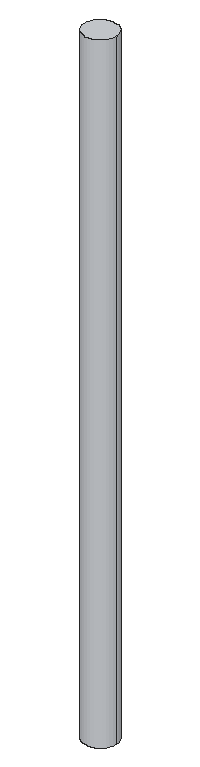
Revit family
Parameters (values of type "152mm Diameter")
  Diameter = 152.00 mm
  Material = none
  Offset Base = 0.00 mm
  Offset Top = 0.00 mm
Types (4, lengths in mm): name | Diameter
  (no name) | 152.00
  152mm Diameter | 152.00
  305mm Diameter | 305.00
  610mm Diameter | 610.00
Reference planes
  plane 1: y = 0
  plane 2: z = 0
  plane 3: x = 0
  plane 4: x = -76
  plane 5: x = 76
  plane 6: y = 76
  plane 7: y = -76
  plane 8: z = 3000
  plane 9: z = 0
Forms (mm)
  Extrusion 1, solid, material <- "Material"
    sketch origin (0, 0, 0) x (1, 0, 0) y (0, 1, 0)
      loop
        arc (-76, 0) -> (0, -76) -> (76, 0) r 76
        arc (76, 0) -> (53.74, 53.74) -> (0, 76) r 76
        arc (0, 76) -> (-53.74, 53.74) -> (-76, 0) r 76
    from 0 to 3000
Dimensions and locks
  equal spacing: plane 4, plane 3, plane 5
  "Diameter": plane 4 to plane 5
  equal spacing: plane 6, plane 1, plane 7
  "Diameter": plane 7 to plane 6
  "Offset Base": plane 9 to level
  "Offset Top": level to plane 8
  aligned and locked: Extrusion 1 to plane 9
  aligned and locked: plane 8 to Extrusion 1
Automatic sketch dimensions
  Extrusion 1 sketch curve to plane 1 = 0.00 mm  (x2)
  Extrusion 1 sketch curve to plane 4 = 0.00 mm  (x2)
  Extrusion 1 sketch curve to plane 3 = 0.00 mm
